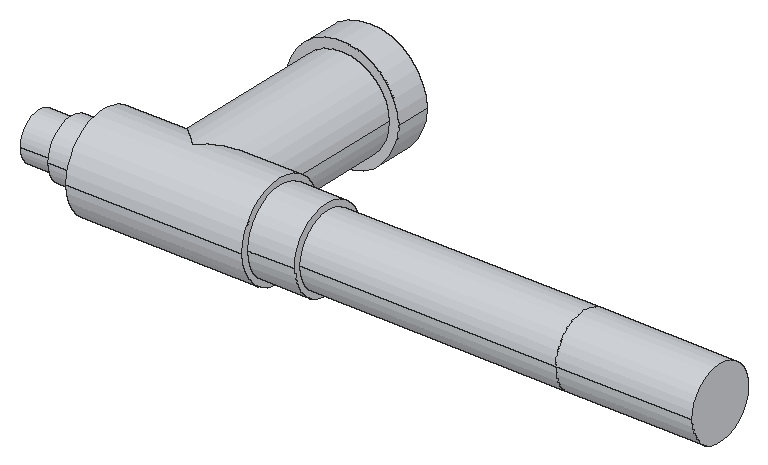
Revit family "decc9500b6054b37ac8d316db953db34", category Pipe Accessories, Revit 2021
Family settings
  Round Connector Dimension = Use Radius
  Part Type = Valve - Normal
  OmniClass Number = 23.65.55.14.17
  OmniClass Title = Adjusting/Controlling Valves for Liquid Services
  Seek Item ID = Cap Relief Valve - 0.5-2 Inch - Threaded-0000-USA-ENU
  Work Plane-Based = No
  Always vertical = Yes
  Cut with Voids When Loaded = No
  Shared = No
Parameters (values of type "1/2"x1"")
  Valve Material = none
  Socket Thickness = 0' - 0 3/8"
  Socket Radius = Socket Diameter / 2  # 0' - 0.6"
  Socket Diameter = Outlet Nominal Diameter * 1.2  # 0' - 1.2"
  Radius 3 = Body Radius - 0' 0 1/8"  # 0' - 0 3/8"
  Radius 2 = Body Radius - 0' 0 1/16"  # 0' - 0 7/16"
  Radius 1 = Inlet Nominal Radius + 0' 0 1/16"  # 0' - 0 5/16"
  Overall Height = 0' - 7 1/4"
  Outlet Nominal Radius = 1/2"
  Outlet Nominal Diameter = Outlet Nominal Radius * 2  # 1"
  Inlet Nominal Radius = 1/4"
  Inlet Nominal Diameter = Inlet Nominal Radius * 2  # 1/2"
  Height 2 = 0.07 * Overall Height  # 0' - 0.5075"
  Height 1 = 0.2 * Overall Height  # 0' - 1.45"
  Radius 4 = 0' - 0 3/8"
  Default Elevation = 0' - 0"
  C2 Offset 2 = 0' - 1 5/8"
  C2 Offset 1 = 0' - 2 3/8"
  Body Radius = Outlet Nominal Radius  # 0' - 0 1/2"
  Body Height = 0' - 1 7/8"
Types (7): name | Socket Thickness | Socket Radius | Socket Diameter | Radius 3 | Radius 2 | Radius 1 | Overall Height | Outlet Nominal Radius | Outlet Nominal Diameter | Inlet Nominal Radius | Inlet Nominal Diameter | Height 2 | Height 1 | Radius 4 | C2 Offset 2 | C2 Offset 1 | Body Radius | Body Height
  1/2"x1" | 0' - 0 3/8" | 0' - 0.6" | 0' - 1.2" | 0' - 0 3/8" | 0' - 0 7/16" | 0' - 0 5/16" | 0' - 7 1/4" | 1/2" | 1" | 1/4" | 1/2" | 0' - 0.5075" | 0' - 1.45" | 0' - 0 3/8" | 0' - 1 5/8" | 0' - 2 3/8" | 0' - 0 1/2" | 0' - 1 7/8"
  3/4"x1" | 0' - 0 3/8" | 0' - 0.6" | 0' - 1.2" | 0' - 0 3/8" | 0' - 0 7/16" | 0' - 0 7/16" | 0' - 7 1/4" | 1/2" | 1" | 3/8" | 3/4" | 0' - 0.5075" | 0' - 1.45" | 0' - 0 3/8" | 0' - 1 5/8" | 0' - 2 3/8" | 0' - 0 1/2" | 0' - 1 7/8"
  3/4"x1 1/4" | 0' - 0 1/2" | 0' - 0 3/4" | 0' - 1 1/2" | 0' - 0 1/2" | 0' - 0 9/16" | 0' - 0 7/16" | 0' - 7 5/8" | 5/8" | 1 1/4" | 3/8" | 3/4" | 0' - 0.53375" | 0' - 1.525" | 0' - 0 7/16" | 0' - 2" | 0' - 2 5/8" | 0' - 0 5/8" | 0' - 2"
  1"x1 1/2" | 0' - 0 5/8" | 0' - 0.9" | 0' - 1.8" | 0' - 0 5/8" | 0' - 0 11/16" | 0' - 0 9/16" | 0' - 8 3/4" | 3/4" | 1 1/2" | 1/2" | 1" | 0' - 0.6125" | 0' - 1 3/4" | 0' - 0 9/16" | 0' - 2 3/8" | 0' - 2 7/8" | 0' - 0 3/4" | 0' - 2 3/8"
  1 1/4"x2" | 0' - 0 5/8" | 0' - 1.2" | 0' - 2.4" | 0' - 0 7/8" | 0' - 0 15/16" | 0' - 0 11/16" | 0' - 10 1/8" | 1" | 2" | 5/8" | 1 1/4" | 0' - 0.70875" | 0' - 2.025" | 0' - 0 3/4" | 0' - 2 5/8" | 0' - 3 1/4" | 0' - 1" | 0' - 2 5/8"
  1 1/2"x2 1/2" | 0' - 0 3/4" | 0' - 1 1/2" | 0' - 3" | 0' - 1 1/8" | 0' - 1 3/16" | 0' - 0 13/16" | 0' - 11 1/8" | 1 1/4" | 2 1/2" | 3/4" | 1 1/2" | 0' - 0.77875" | 0' - 2.225" | 0' - 0 15/16" | 0' - 2 3/4" | 0' - 3 1/2" | 0' - 1 1/4" | 0' - 3"
  2"x3" | 0' - 0 3/4" | 0' - 1.8" | 0' - 3.6" | 0' - 1 3/8" | 0' - 1 7/16" | 0' - 1 1/16" | 1' - 0 1/2" | 1 1/2" | 3" | 1" | 2" | 0' - 0 7/8" | 0' - 2 1/2" | 0' - 1 1/8" | 0' - 3 1/4" | 0' - 4" | 0' - 1 1/2" | 0' - 3 1/4"
Reference planes (in)
  plane 1 "Center (Front/Back)": y = 0
  plane 2: z = 0
  plane 3 "Center (Left/Right)": x = 0
  plane 4: x = 5.625
  plane 5: x = -0.9375
  plane 6: x = 0.9375
  plane 7: x = -1.625
  plane 8: x = 4.175
  plane 9: x = 1.445
  plane 10: y = 0.5
  plane 11: y = -0.5
  plane 12: x = -0.5
  plane 13: x = 0.5
  plane 14: x = 2.1275
  plane 15: x = 2.81
  plane 16: x = 3.4925
  plane 17: y = 2
  plane 18: y = 2.375
  plane 19: x = -1.28125
  plane 20: y = 0.375
  plane 21: y = -0.375
Forms (in)
  Extrusion 1, solid, material <- "Valve Material", detail levels fine
    sketch origin (0, 12.16303, 48) x (0, 1, 0) y (0, 0, 1)
      loop
        circle (-12.16303, -48) r 0.25
    from -1.625 to -1.28125
  Extrusion 2, solid, material <- "Valve Material", detail levels fine
    sketch origin (0, 12.16303, 48) x (0, 1, 0) y (0, 0, 1)
      loop
        circle (-12.16303, -48) r 0.3125
    from -1.28125 to -0.9375
  Extrusion 3, solid, material <- "Valve Material", detail levels fine
    sketch origin (0, 12.16303, 48) x (0, 1, 0) y (0, 0, 1)
      loop
        circle (-12.16303, -48) r 0.375
    from 4.175 to 5.625
  Extrusion 4, solid, material <- "Valve Material", detail levels fine
    sketch origin (0, 12.16303, 48) x (0, 1, 0) y (0, 0, 1)
      loop
        circle (-12.16303, -48) r 0.5
    from -0.9375 to 0.9375
  Extrusion 5, solid, material <- "Valve Material", detail levels fine
    sketch origin (0, 12.16303, 48) x (0, 1, 0) y (0, 0, 1)
      loop
        circle (-12.16303, -48) r 0.4375
    from 0.9375 to 1.445
  Extrusion 6, solid, material <- "Valve Material", detail levels fine
    sketch origin (0, 12.16303, 48) x (0, 1, 0) y (0, 0, 1)
      loop
        circle (-12.16303, -48) r 0.375
    from 1.445 to 4.175
  Extrusion 7, solid, material <- "Valve Material", detail levels fine
    sketch origin (-2.14618, -2.375, 48) x (-1, 0, 0) y (0, 0, 1)
      loop
        circle (-2.14618, -48) r 0.5
    from 2.375 to 4.375
  Extrusion 8, solid, material <- "Valve Material", detail levels fine
    sketch origin (-2.14618, -2.375, 48) x (-1, 0, 0) y (0, 0, 1)
      loop
        circle (-2.14618, -48) r 0.6
    from 4.375 to 4.75
Cuts and joins
  joined: Extrusion 1, Extrusion 2, Extrusion 3, Extrusion 4, Extrusion 5, Extrusion 6, Extrusion 7, Extrusion 8
Lines and regions (in)
  model lines, detail levels coarse+medium
    curve 1: line (-1.625, 0.25, 0) -> (-1.625, -0.25, 0)
    curve 2: line (2.1275, 0.375, 0) -> (2.1275, -0.375, 0)
    curve 3: line (2.81, 0.375, 0) -> (2.81, -0.375, 0)
    curve 4: line (3.4925, 0.375, 0) -> (3.4925, -0.375, 0)
    curve 5: line (-1.625, 0, 0) -> (-0.5, 0, 0)
    curve 6: line (-0.5, 0.5, 0) -> (-0.5, -0.5, 0)
    curve 7: line (0, 2.375, 0) -> (0.21651, 2, 0)
    curve 8: line (0, 2.375, 0) -> (-0.21651, 2, 0)
    curve 9: line (-0.5, -0.5, 0) -> (0.5, 0.5, 0)
    curve 10: line (-0.5, 0.5, 0) -> (0.5, 0.5, 0)
    curve 11: line (0, 2.375, 0) -> (0, 0.5, 0)
    curve 12: line (0, 0, 0) -> (4.175, 0, 0)
Dimensions and locks (in)
  "C2 Offset 2": plane 7 to plane 3 "Center (Left/Right)"
  equal spacing: plane 5, plane 3 "Center (Left/Right)", plane 6
  "Body Height": plane 5 to plane 6
  equal spacing: plane 7, plane 19, plane 5
  "Overall Height": plane 7 to plane 4
  "Height 1": plane 8 to plane 4
  "Height 2": plane 6 to plane 9
  equal spacing: plane 9, plane 14, plane 15, plane 16, plane 8
  equal spacing: plane 12, plane 3 "Center (Left/Right)", plane 13
  "Outlet Nominal Diameter": plane 12 to plane 13
  "C2 Offset 1": plane 1 "Center (Front/Back)" to plane 18
  "Socket Thickness": plane 17 to plane 18
  "Outlet Nominal Radius": plane 1 "Center (Front/Back)" to plane 11
  "Outlet Nominal Radius": plane 10 to plane 1 "Center (Front/Back)"
  equal spacing: curve 1, plane 1 "Center (Front/Back)", curve 1
  "Inlet Nominal Diameter": curve 1 to curve 1
  "Radius 3": plane 20 to plane 1 "Center (Front/Back)"
  equal spacing: plane 20, plane 1 "Center (Front/Back)", plane 21
  "Inlet Nominal Radius": radius of Extrusion 1 sketch curve
  "Radius 1": radius of Extrusion 2 sketch curve
  "Radius 4": radius of Extrusion 3 sketch curve
  "Body Radius": radius of Extrusion 4 sketch curve
  "Radius 2": radius of Extrusion 5 sketch curve
  "Radius 3": radius of Extrusion 6 sketch curve
  "Body Radius": radius of Extrusion 7 sketch curve
  "Socket Radius": radius of Extrusion 8 sketch curve
  locked: plane 3 "Center (Left/Right)" to curve 7 (angle 30.00°)
  locked: curve 8 to plane 3 "Center (Left/Right)" (angle 30.00°)
  aligned and locked: plane 1 "Center (Front/Back)" to Extrusion 1 sketch curve
  aligned and locked: plane 2 to Extrusion 1 sketch curve
  aligned and locked: plane 1 "Center (Front/Back)" to Extrusion 2 sketch curve
  aligned and locked: plane 2 to Extrusion 2 sketch curve
  aligned and locked: Extrusion 2 to plane 19
  aligned and locked: plane 5 to Extrusion 2
  aligned and locked: Extrusion 1 to plane 7
  aligned and locked: plane 19 to Extrusion 1
  aligned and locked: plane 1 "Center (Front/Back)" to Extrusion 3 sketch curve
  aligned and locked: level to Extrusion 3 sketch curve
  aligned and locked: Extrusion 3 to plane 8
  aligned and locked: plane 4 to Extrusion 3
  aligned and locked: plane 1 "Center (Front/Back)" to Extrusion 4 sketch curve
  aligned and locked: plane 2 to Extrusion 4 sketch curve
  aligned and locked: Extrusion 4 to plane 5
  aligned and locked: Extrusion 4 to plane 6
  aligned and locked: plane 1 "Center (Front/Back)" to Extrusion 5 sketch curve
  aligned and locked: plane 2 to Extrusion 5 sketch curve
  aligned and locked: plane 6 to Extrusion 5
  aligned and locked: plane 9 to Extrusion 5
  aligned and locked: plane 1 "Center (Front/Back)" to Extrusion 6 sketch curve
  aligned and locked: plane 2 to Extrusion 6 sketch curve
  aligned and locked: Extrusion 6 to plane 9
  aligned and locked: plane 8 to Extrusion 6
  aligned and locked: plane 3 "Center (Left/Right)" to Extrusion 7 sketch curve
  aligned and locked: plane 2 to Extrusion 7 sketch curve
  aligned and locked: plane 3 "Center (Left/Right)" to Extrusion 8 sketch curve
  aligned and locked: plane 2 to Extrusion 8 sketch curve
  aligned and locked: plane 1 "Center (Front/Back)" to Extrusion 7
  aligned and locked: Extrusion 7 to plane 17
  aligned and locked: plane 17 to Extrusion 8
  aligned and locked: Extrusion 8 to plane 18
  aligned and locked: curve 1 to plane 7
  aligned and locked: plane 20 to curve 2
  aligned and locked: plane 21 to curve 2
  aligned and locked: curve 2 to plane 14
  aligned and locked: plane 20 to curve 3
  aligned and locked: plane 20 to curve 4
  aligned and locked: plane 21 to curve 4
  aligned and locked: plane 21 to curve 3
  aligned and locked: curve 3 to plane 15
  aligned and locked: curve 4 to plane 16
  aligned and locked: plane 7 to curve 5
  aligned and locked: plane 12 to curve 5
  aligned and locked: plane 1 "Center (Front/Back)" to curve 5
  aligned and locked: curve 6 to plane 12
  aligned and locked: plane 17 to curve 7
  aligned and locked: plane 17 to curve 8
  aligned and locked: plane 13 to curve 9
  aligned and locked: plane 11 to curve 9
  aligned and locked: curve 10 to plane 10
  aligned and locked: plane 10 to curve 11
  aligned and locked: plane 18 to curve 11
  aligned and locked: curve 11 to plane 3 "Center (Left/Right)"
  aligned and locked: plane 8 to curve 12
  aligned and locked: plane 1 "Center (Front/Back)" to curve 12
Connectors (in)
  piping at (-1.625, 0, 0), diameter 0.5, driven by "Inlet Nominal Radius"
    settings: on cut or joined group 1 (Extrusion 1, Extrusion 2, Extrusion 3, Extrusion 4, Extrusion 5, Extrusion 6, Extrusion 7, Extrusion 8), index 1, connector inside diameter 1/2", connector length 0' - 0", flow factor 0, pipe flow 0 GPM, pressure drop 0.00 psi, fitting loss kfactor 0, connector angle 0.00°, fixture units 0, engagement length 0' - 0", angle of deflection 0.00°, flow configuration 0, flow direction 0, fitting loss method 0, system type 29, joint type 0, gender type 0, connector reference index 2, connector utility 0, adjustable connector no, is connector primary yes, connector description "In"
  piping at (0, 2.375, 0), diameter 1, driven by "Outlet Nominal Radius"
    settings: on cut or joined group 1, index 2, connector inside diameter 1", connector length 0' - 0", flow factor 0, pipe flow 0 GPM, pressure drop 0.00 psi, fitting loss kfactor 0, connector angle 0.00°, fixture units 0, engagement length 0' - 0", angle of deflection 0.00°, flow configuration 0, flow direction 0, fitting loss method 0, system type 29, joint type 0, gender type 0, connector reference index 1, connector utility 0, adjustable connector no, is connector primary no, connector description "Out"
